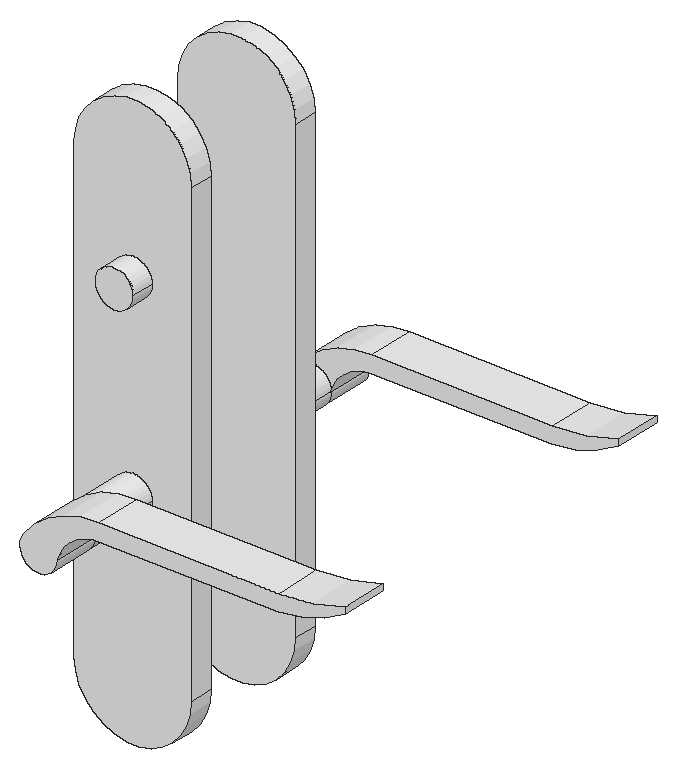
Revit family "M_Maçaneta da porta de entrada", category Portas, Revit 2019
Family settings
  Com base no plano de trabalho = Não
  Sempre na vertical = Sim
  Corte com vazios quando carregada = Não
  Compartilhado = Não
  Ponto de cálculo do ambiente = Não
Parameters (values of type "Padrão")
  Espessura = 45 mm
  Material do puxador = Alumín. 1
  Function = (empty or 0)
  Construction Type = ""
  Construção analítica = "<Nenhum>"
Reference planes
  plane 1 "Centro (Frente/Trás)": y = 0
  plane 2: z = 0
  plane 3 "Centro (Esquerda/Direita)": x = 0
  plane 4: y = 22.5
  plane 5: y = -22.5
  plane 6: z = -147.114
  plane 7: y = 62.5
  plane 8: z = 82.5
  plane 9: y = -62.5
  plane 10: z = -60
Forms (mm)
  Extrusion 1, solid, material "Alumín. 1" <- "Material do puxador"
    sketch origin (0, -22.5, 0) x (-1, 0, 0) y (0, 0, -1)
      loop
        line (25, -125) -> (25, 70)
        arc (25, 70) -> (0, 95) -> (-25, 70) r 25
        line (-25, 70) -> (-25, -125)
        arc (-25, -125) -> (0, -150) -> (25, -125) r 25
    from 0 to 10
  Extrusion 2, solid, material "Alumín. 1" <- "Material do puxador"
    sketch origin (0, 22.5, 0) x (-1, 0, 0) y (0, 0, -1)
      loop
        line (25, -125) -> (25, 70)
        arc (25, 70) -> (0, 95) -> (-25, 70) r 25
        line (-25, 70) -> (-25, -125)
        arc (-25, -125) -> (0, -150) -> (25, -125) r 25
    from 0 to -10
  Extrusion 3, solid, material "Alumín. 1" <- "Material do puxador"
    sketch origin (0, -22.5, 0) x (-1, 0, 0) y (0, 0, -1)
      loop
        circle (0, 0) r 8
    from 10 to 40
  Extrusion 4, solid, material "Alumín. 1" <- "Material do puxador"
    sketch origin (0, 20, 0) x (-1, 0, 0) y (0, 0, 1)
      loop
        circle (0, 0) r 8
    from 12.5 to 42.5
  Extrusion 5, solid, material "Alumín. 1" <- "Material do puxador"
    sketch origin (0, -62.5, 0) x (1, 0, 0) y (0, 0, 1)
      loop
        arc (-6.508, 4.652) -> (-2.443, -7.618) -> (8, 0) r 8
        arc (8, 0) -> (14.532, 9.391) -> (25.386, 13) r 18.126
        line (25.386, 13) -> (101.644, 13)
        arc (101.644, 13) -> (116.41, 15.798) -> (130, 22.214) r 59.379
        line (130, 22.214) -> (130, 25)
        arc (130, 25) -> (116.04, 21.265) -> (101.644, 20) r 83.285
        line (101.644, 20) -> (25.367, 20)
        arc (25.367, 20) -> (7.493, 16.348) -> (-6.508, 4.652) r 37.283
    from 0 to 20
  Extrusion 6, solid, material "Alumín. 1" <- "Material do puxador"
    sketch origin (0, 62.5, 0) x (1, 0, 0) y (0, 0, -1)
      loop
        arc (8, 0) -> (-2.443, 7.618) -> (-6.508, -4.652) r 8
        arc (-6.508, -4.652) -> (7.493, -16.348) -> (25.367, -20) r 37.283
        line (25.367, -20) -> (101.644, -20)
        arc (101.644, -20) -> (116.04, -21.265) -> (130, -25) r 83.285
        line (130, -25) -> (130, -22.214)
        arc (130, -22.214) -> (116.41, -15.798) -> (101.644, -13) r 59.379
        line (101.644, -13) -> (25.386, -13)
        arc (25.386, -13) -> (14.532, -9.391) -> (8, 0) r 18.126
    from 0 to 20
  Extrusion 7, solid, material "Alumín. 1" <- "Material do puxador"
    sketch origin (0, -32.5, 10) x (-1, 0, 0) y (0, 0, -1)
      loop
        circle (0, -72.5) r 8
    from 0 to 10
  Extrusion 8, solid, material "Alumín. 1" <- "Material do puxador"
    sketch origin (0, 32.5, 142.5) x (-1, 0, 0) y (0, 0, 1)
      loop
        line (-5, -45) -> (-5, -75) -> (5, -75) -> (5, -45) -> (-5, -45)
    from 0 to 10
Dimensions and locks
  equal spacing: plane 5, plane 1 "Centro (Frente/Trás)", plane 4
  "Espessura": plane 5 to plane 4
  locked: plane 4 to plane 7 at 40
  locked: plane 9 to plane 5 at 40
  locked: Extrusion 6 to plane 7 at 20
  locked: plane 9 to Extrusion 5 at 20
  locked: plane 2 to plane 10 at 60
  aligned and locked: Extrusion 3 to Extrusion 1
  aligned and locked: Extrusion 4 to Extrusion 2
  aligned and locked: plane 7 to Extrusion 6
  aligned and locked: Extrusion 4 to plane 7
  aligned and locked: plane 9 to Extrusion 5
  aligned and locked: Extrusion 1 sketch curve to Extrusion 2
Automatic sketch dimensions
  Extrusion 3 sketch curve to level = 0 mm
  Extrusion 3 sketch curve to plane 3 "Centro (Esquerda/Direita)" = 0 mm
  Extrusion 4 sketch curve to level = 0 mm
  Extrusion 4 sketch curve to plane 3 "Centro (Esquerda/Direita)" = 0 mm
  Extrusion 5 sketch curve to level = 0 mm  (x2)
  Extrusion 5 sketch curve to plane 3 "Centro (Esquerda/Direita)" = 0 mm
  Extrusion 5 sketch curve to plane 3 "Centro (Esquerda/Direita)" = 6.508 mm
  plane 3 "Centro (Esquerda/Direita)" to Extrusion 5 sketch curve = 8 mm
  Extrusion 5 sketch curve to level = 17.244 mm
  Extrusion 5 sketch curve to Extrusion 5 sketch curve = 15.668 mm
  level to Extrusion 5 sketch curve = 20 mm
  Extrusion 5 sketch curve to Extrusion 5 sketch curve = 0.019 mm
  Extrusion 5 sketch curve to Extrusion 5 sketch curve = 28.356 mm
  Extrusion 5 sketch curve to Extrusion 5 sketch curve = 0 mm
  Extrusion 5 sketch curve to level = 5.126 mm
  level to Extrusion 5 sketch curve = 22.214 mm
  Extrusion 5 sketch curve to Extrusion 5 sketch curve = 2.786 mm
  Extrusion 5 sketch curve to Extrusion 5 sketch curve = 72.693 mm
  Extrusion 5 sketch curve to Extrusion 5 sketch curve = 3.517 mm
  Extrusion 5 sketch curve to Extrusion 5 sketch curve = 3.583 mm
  Extrusion 6 sketch curve to level = 0 mm
  Extrusion 6 sketch curve to plane 3 "Centro (Esquerda/Direita)" = 0 mm
  level to Extrusion 6 sketch curve = 4.652 mm
  Extrusion 6 sketch curve to plane 3 "Centro (Esquerda/Direita)" = 6.508 mm
  Extrusion 6 sketch curve to level = 17.244 mm
  Extrusion 6 sketch curve to Extrusion 6 sketch curve = 15.668 mm
  Extrusion 6 sketch curve to Extrusion 6 sketch curve = 0.019 mm
  Extrusion 6 sketch curve to level = 5.126 mm
  Extrusion 6 sketch curve to Extrusion 6 sketch curve = 1.719 mm
  Extrusion 6 sketch curve to Extrusion 6 sketch curve = 72.693 mm
  Extrusion 6 sketch curve to Extrusion 6 sketch curve = 3.517 mm
  Extrusion 6 sketch curve to Extrusion 6 sketch curve = 3.583 mm
  Extrusion 6 sketch curve to Extrusion 6 sketch curve = 0 mm
  level to Extrusion 6 sketch curve = 22.214 mm
  Extrusion 6 sketch curve to Extrusion 6 sketch curve = 28.356 mm
  Extrusion 6 sketch curve to Extrusion 6 sketch curve = 2.786 mm
  level to Extrusion 1 sketch curve = 70 mm
  Extrusion 2 sketch curve to level = 125 mm
  Extrusion 2 sketch curve to plane 3 "Centro (Esquerda/Direita)" = 0 mm
  Extrusion 2 sketch curve to plane 3 "Centro (Esquerda/Direita)" = 25 mm
  level to Extrusion 2 sketch curve = 70 mm
  Extrusion 7 sketch curve to Extrusion 1 = 25 mm
  Extrusion 8 sketch curve to Extrusion 2 = 20 mm
  Extrusion 8 sketch curve to Extrusion 8 sketch curve = 10 mm
  Extrusion 8 sketch curve to Extrusion 8 sketch curve = 30 mm
  radius of Extrusion 3 sketch curve = 8 mm
  radius of Extrusion 4 sketch curve = 8 mm
  radius of Extrusion 7 sketch curve = 8 mm
